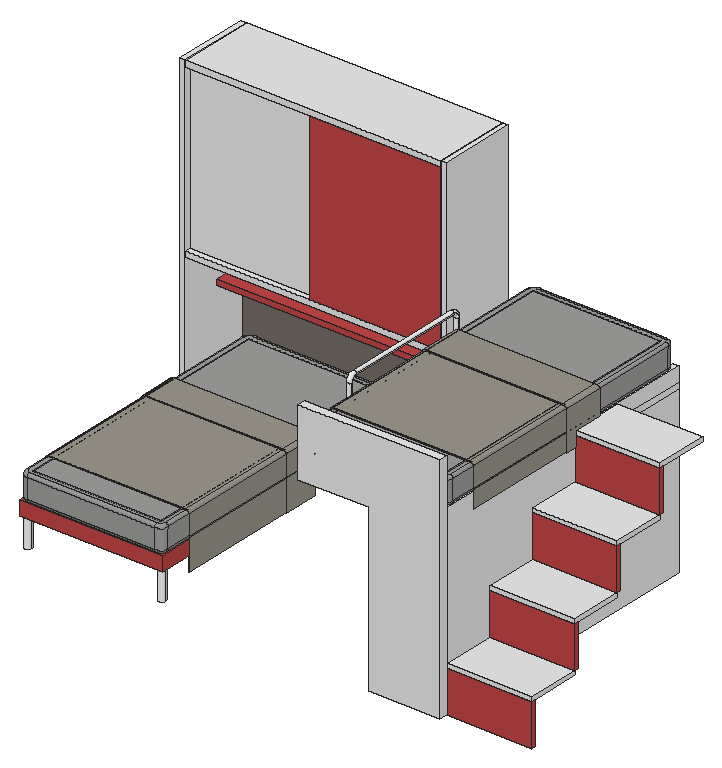
Revit family
Reference planes (m)
  plane 1 "Center (Front/Back)": y = 0
  plane 2: z = 0
  plane 3 "Center (Left/Right)": x = 0
  plane 4: x = -1
  plane 5: y = 2
  plane 6: z = 0.3
  plane 7: z = 0.2
  plane 8: y = 2.04
  plane 9: x = -1.04
  plane 10: y = 2.08
  plane 11: x = -1.08
  plane 12: x = 2.6
  plane 13: x = 2
  plane 14: x = 0.8
  plane 15: x = 1
  plane 16: z = 0.6
  plane 17: z = 0.56
  plane 18: y = 1.5
  plane 19: y = 0
  plane 20: y = 0.75
  plane 21: y = 1.125
  plane 22: y = 0.375
  plane 23: z = 1.63
  plane 24: z = 0.326
  plane 25: z = 0
  plane 26: z = 0.652
  plane 27: z = 0.978
  plane 28: z = 1.304
  plane 29: z = 0.296
  plane 30: z = 0.622
  plane 31: z = 0.948
  plane 32: z = 1.274
  plane 33: y = 1.54
  plane 34: y = 1.58
  plane 35: z = 1.204
  plane 36: z = 0.904
Forms (m)
  Extrusion 1, solid, material "rojo"
    sketch origin (0, 0, 0) x (1, 0, 0) y (0, 1, 0)
      loop
        line (-1, 2) -> (-1, 0) -> (0, 0) -> (0, 2) -> (-1, 2)
    from 0.2 to 0.3
  Extrusion 2, solid, material "metal"
    sketch origin (0, 2, 0) x (1, 0, 0) y (0, 1, 0)
      loop
        circle (-0.971049, -1.965373) r 0.025
    from 0 to 0.2
  Extrusion 3, solid, material "metal"
    sketch origin (-1, 2, 0) x (-1, 0, 0) y (0, -1, 0)
      loop
        circle (-0.971049, 1.965373) r 0.025
    from 0 to 0.2
  Extrusion 4, solid, material "blanco"
    sketch origin (0, 0, 0) x (1, 0, 0) y (0, 1, 0)
      loop
        line (-1.04, 2.04) -> (-1.08, 2.04) -> (-1.08, 1.5) -> (-1.04, 1.5) -> (-1.04, 2.04)
    from 0 to 2.4
  Extrusion 5, solid
    sketch origin (0, 0, 0) x (1, 0, 0) y (0, 1, 0)
      loop
        line (-1.04, 2.04) -> (-1.04, 1.5) -> (2, 1.5) -> (2, 2.04) -> (-1.04, 2.04)
    from 1.2 to 1.158254
  Extrusion 6, solid
    sketch origin (0, 0, 0) x (1, 0, 0) y (0, 0, 1)
      loop
        line (-1.04, 2.4) -> (-1.04, 2.36) -> (0.76, 2.36) -> (0.76, 2.4) -> (-1.04, 2.4)
    from -2.04 to -1.5
  Extrusion 7, solid
    sketch origin (1.84, 0, 0) x (1, 0, 0) y (0, 1, 0)
      loop
        line (-1.04, 2.04) -> (-1.08, 2.04) -> (-1.08, 1.5) -> (-1.04, 1.5) -> (-1.04, 2.04)
    from 1.2 to 2.4
  Extrusion 8, solid, material "rojo"
    sketch origin (2, 0, 0) x (1, 0, 0) y (0, 1, 0)
      loop
        line (-1, 2) -> (-1, 0) -> (-0.04, 0) -> (-0.04, 2) -> (-1, 2)
    from 1.2 to 1.304
  Extrusion 9, solid
    sketch origin (0, 0, 0) x (1, 0, 0) y (0, 0, 1)
      loop
        line (1, 1.158254) -> (1.5, 1.158254) -> (1.5, 0) -> (2, 0) -> (2, 1.63) -> (1, 1.63) -> (1, 1.158254)
    from 0 to 0.056884
  Extrusion 10, solid, material "blanco"
    sketch origin (3.04, -0.008116, 0) x (1, 0, 0) y (0, 1, 0)
      loop
        line (-1.04, 2.048116) -> (-1.08, 2.048116) -> (-1.08, 0.008116) -> (-1.04, 0.008116) -> (-1.04, 2.048116)
    from 0 to 1.304
  Sweep 11, solid, material "colchon"
    path origin (0, 0, 0.3) x (1, 0, 0) y (0, 1, 0)
      loop
        arc (-0.9491, 1.95) -> (-0.949736, 1.949736) -> (-0.95, 1.9491) r 0.0009
        line (-0.95, 1.9491) -> (-0.95, 0.0509)
        arc (-0.95, 0.0509) -> (-0.949736, 0.050264) -> (-0.9491, 0.05) r 0.0009
        line (-0.9491, 0.05) -> (-0.0509, 0.05)
        arc (-0.0509, 0.05) -> (-0.050264, 0.050264) -> (-0.05, 0.0509) r 0.0009
        line (-0.05, 0.0509) -> (-0.05, 1.9491)
        arc (-0.05, 1.9491) -> (-0.050264, 1.949736) -> (-0.0509, 1.95) r 0.0009
        line (-0.0509, 1.95) -> (-0.9491, 1.95)
    profile origin (-0.5, 1.95, 0.3) x (0, 1, 0) y (0, 0, 1)
      loop
        line (0, 0) -> (0.03, 0)
        arc (0.03, 0) -> (0.044142, 0.005858) -> (0.05, 0.02) r 0.02
        line (0.05, 0.02) -> (0.05, 0.16)
        arc (0.05, 0.16) -> (0.044142, 0.174142) -> (0.03, 0.18) r 0.02
        line (0.03, 0.18) -> (0, 0.18) -> (0, 0)
  Extrusion 12, solid, material "colchon"
    sketch origin (0, 0, 0.3) x (1, 0, 0) y (0, 1, 0)
      loop
        line (-0.95, 1.949996) -> (-0.95, 0.05) -> (-0.05, 0.05) -> (-0.05, 1.949996) -> (-0.95, 1.949996)
    from 0 to 0.18
  Sweep 13, solid, not visible
    path origin (0, 0, 0.3) x (1, 0, 0) y (0, 1, 0)
      loop
        arc (-0.9491, 1.95) -> (-0.949736, 1.949736) -> (-0.95, 1.9491) r 0.0009
        line (-0.95, 1.9491) -> (-0.95, 0.0509)
        arc (-0.95, 0.0509) -> (-0.949736, 0.050264) -> (-0.9491, 0.05) r 0.0009
        line (-0.9491, 0.05) -> (-0.0509, 0.05)
        arc (-0.0509, 0.05) -> (-0.050264, 0.050264) -> (-0.05, 0.0509) r 0.0009
        line (-0.05, 0.0509) -> (-0.05, 1.9491)
        arc (-0.05, 1.9491) -> (-0.050264, 1.949736) -> (-0.0509, 1.95) r 0.0009
        line (-0.0509, 1.95) -> (-0.9491, 1.95)
    profile origin (-0.5, 1.95, 0.3) x (0, 1, 0) y (0, 0, 1)
      loop
        line (0, 0) -> (0.03, 0)
        arc (0.03, 0) -> (0.044142, 0.005858) -> (0.05, 0.02) r 0.02
        line (0.05, 0.02) -> (0.05, 0.16)
        arc (0.05, 0.16) -> (0.044142, 0.174142) -> (0.03, 0.18) r 0.02
        line (0.03, 0.18) -> (0, 0.18) -> (0, 0)
  Extrusion 14, solid, not visible
    sketch origin (0, 0, 0.3) x (1, 0, 0) y (0, 1, 0)
      loop
        line (-0.95, 1.949996) -> (-0.95, 0.05) -> (-0.05, 0.05) -> (-0.05, 1.949996) -> (-0.95, 1.949996)
    from 0 to 0.18
  Extrusion 15, solid, material "madera"
    sketch origin (0, 0, 0.3) x (1, 0, 0) y (0, 1, 0)
      loop
        line (1.5, 0) -> (1.96, 0) -> (1.96, 2) -> (1.5, 2) -> (1.5, 0)
    from 0.26 to 0.3
  Sweep 16, solid, material "colchon"
    path origin (2, 0, 0.3) x (1, 0, 0) y (0, 1, 0)
      loop
        arc (-0.9491, 1.95) -> (-0.949736, 1.949736) -> (-0.95, 1.9491) r 0.0009
        line (-0.95, 1.9491) -> (-0.95, 0.0509)
        arc (-0.95, 0.0509) -> (-0.949736, 0.050264) -> (-0.9491, 0.05) r 0.0009
        line (-0.9491, 0.05) -> (-0.0509, 0.05)
        arc (-0.0509, 0.05) -> (-0.050264, 0.050264) -> (-0.05, 0.0509) r 0.0009
        line (-0.05, 0.0509) -> (-0.05, 1.9491)
        arc (-0.05, 1.9491) -> (-0.050264, 1.949736) -> (-0.0509, 1.95) r 0.0009
        line (-0.0509, 1.95) -> (-0.9491, 1.95)
    profile origin (1.5, 1.95, 0.3) x (0, 1, 0) y (0, 0, 1)
      loop
        line (0, 1.005) -> (0.03, 1.005)
        arc (0.03, 1.005) -> (0.044142, 1.010858) -> (0.05, 1.025) r 0.02
        line (0.05, 1.025) -> (0.05, 1.165)
        arc (0.05, 1.165) -> (0.044142, 1.179142) -> (0.03, 1.185) r 0.02
        line (0.03, 1.185) -> (0, 1.185) -> (0, 1.005)
  Extrusion 17, solid, material "colchon"
    sketch origin (2, 0, 0.3) x (1, 0, 0) y (0, 1, 0)
      loop
        line (-0.95, 1.949996) -> (-0.95, 0.05) -> (-0.05, 0.05) -> (-0.05, 1.949996) -> (-0.95, 1.949996)
    from 1.004 to 1.185
  Extrusion 18, solid
    sketch origin (0, 0, 0.3) x (1, 0, 0) y (0, 1, 0)
      loop
        line (2, 0.375) -> (2, 0) -> (2.6, 0) -> (2.6, 0.375) -> (2, 0.375)
    from -0.004 to 0.026
  Extrusion 19, solid
    sketch origin (0, 0, 0.3) x (1, 0, 0) y (0, 1, 0)
      loop
        line (2, 0.75) -> (2, 0.375) -> (2.6, 0.375) -> (2.6, 0.75) -> (2, 0.75)
    from 0.322 to 0.352
  Extrusion 20, solid
    sketch origin (0.08, 0, 0.3) x (1, 0, 0) y (0, 1, 0)
      loop
        line (1.92, 1.125) -> (1.92, 0.75) -> (2.52, 0.75) -> (2.52, 1.125) -> (1.92, 1.125)
    from 0.648 to 0.678
  Extrusion 21, solid
    sketch origin (0.6, 0, 0.3) x (1, 0, 0) y (0, 1, 0)
      loop
        line (1.4, 1.5) -> (1.4, 1.125) -> (2, 1.125) -> (2, 1.5) -> (1.4, 1.5)
    from 0.974 to 1.004
  Extrusion 22, solid, material "rojo"
    sketch origin (0, 0, 0.3) x (1, 0, 0) y (0, 1, 0)
      loop
        line (2.6, 0) -> (2.6, 0.025) -> (2, 0.025) -> (2, 0) -> (2.6, 0)
    from -0.3 to -0.004
  Extrusion 23, solid, material "rojo"
    sketch origin (0, 0.375, 0.3) x (1, 0, 0) y (0, 1, 0)
      loop
        line (2.6, 0) -> (2.6, 0.025) -> (2, 0.025) -> (2, 0) -> (2.6, 0)
    from 0.026 to 0.322
  Extrusion 24, solid, material "rojo"
    sketch origin (0, 0.75, 0.3) x (1, 0, 0) y (0, 1, 0)
      loop
        line (2.6, 0) -> (2.6, 0.025) -> (2, 0.025) -> (2, 0) -> (2.6, 0)
    from 0.352 to 0.648
  Extrusion 25, solid, material "rojo"
    sketch origin (0, 1.125, 0.3) x (1, 0, 0) y (0, 1, 0)
      loop
        line (2.6, 0) -> (2.6, 0.025) -> (2, 0.025) -> (2, 0) -> (2.6, 0)
    from 0.678 to 0.974
  Extrusion 26, solid, material "blanco"
    sketch origin (0, 0, 0) x (1, 0, 0) y (0, 0, 1)
      loop
        line (-0.123287, 2.36) -> (-1.04, 2.36) -> (-1.04, 1.2) -> (-0.123287, 1.2) -> (-0.123287, 2.36)
    from -1.58 to -1.54
  Extrusion 27, solid, material "rojo"
    sketch origin (0, 0, 0) x (1, 0, 0) y (0, 0, 1)
      loop
        line (-0.16, 2.36) -> (-0.16, 1.2) -> (0.76, 1.2) -> (0.76, 2.36) -> (-0.16, 2.36)
    from -1.54 to -1.5
  Extrusion 28, solid, material "madera"
    sketch origin (0, 0, 0.3) x (1, 0, 0) y (0, 1, 0)
      loop
        line (-1.04, 2.04) -> (-1.04, 2) -> (1.96, 2) -> (1.96, 2.04) -> (-1.04, 2.04)
    from -0.3 to 0.9
  Sweep 29, solid, material "metal"
    path origin (1, 1.56, 0) x (0, 1, 0) y (0, 0, -1)
      loop
        line (-0.205, -1.245) -> (-0.205, -1.558623)
        arc (-0.205, -1.558623) -> (-0.216716, -1.586908) -> (-0.245, -1.598623) r 0.04
        line (-0.245, -1.598623) -> (-1.105, -1.598623)
        arc (-1.105, -1.598623) -> (-1.133284, -1.586908) -> (-1.145, -1.558623) r 0.04
        line (-1.145, -1.558623) -> (-1.145, -1.245)
    profile origin (1, 1.355, 1.401812) x (0, 1, 0) y (-1, 0, 0)
      loop
        circle (0, 0.015418) r 0.015
  Extrusion 30, void
    sketch origin (0, 0, 0) x (1, 0, 0) y (0, 0, 1)
      loop
        line (0.734307, 1.24909) -> (0.734307, 1.36909) -> (0.714307, 1.36909) -> (0.714307, 1.24909) -> (0.734307, 1.24909)
    from -1.559625 to -1.488951
  Extrusion 31, void
    sketch origin (-0.275, 0, 0) x (-1, 0, 0) y (0, 0, -1)
      loop
        line (0.734307, -1.24909) -> (0.714307, -1.24909) -> (0.714307, -1.36909) -> (0.734307, -1.36909) -> (0.734307, -1.24909)
    from -1.592833 to -1.525565
  Extrusion 32, void
    sketch origin (0, 0, 0) x (1, 0, 0) y (0, 0, 1)
      loop
        line (2.247441, 1.259) -> (2.247441, 1.239) -> (2.347441, 1.239) -> (2.347441, 1.259) -> (2.247441, 1.259)
    from -1.175299 to -1.1
  Extrusion 33, void
    sketch origin (0, 0, -0.326) x (1, 0, 0) y (0, 0, 1)
      loop
        line (2.247441, 1.259) -> (2.247441, 1.239) -> (2.347441, 1.239) -> (2.347441, 1.259) -> (2.247441, 1.259)
    from -0.800217 to -0.72
  Extrusion 34, void
    sketch origin (0, 0, -0.652) x (1, 0, 0) y (0, 0, 1)
      loop
        line (2.247441, 1.259) -> (2.247441, 1.239) -> (2.347441, 1.239) -> (2.347441, 1.259) -> (2.247441, 1.259)
    from -0.419925 to -0.36
  Extrusion 35, void
    sketch origin (0, 0, -0.978) x (1, 0, 0) y (0, 0, 1)
      loop
        line (2.247441, 1.259) -> (2.247441, 1.239) -> (2.347441, 1.239) -> (2.347441, 1.259) -> (2.247441, 1.259)
    from -0.05 to 0.04
  Extrusion 36, solid, material "rojo"
    sketch origin (0, 0, 0.3) x (1, 0, 0) y (0, 1, 0)
      loop
        line (-1.04, 2) -> (-1.04, 1.77) -> (1.73, 1.77) -> (1.73, 0) -> (1.96, 0) -> (1.96, 2) -> (-1.04, 2)
    from 0.566185 to 0.604
  Extrusion 37, solid, material "sabana"
    sketch origin (0, 0, 0) x (1, 0, 0) y (0, 0, 1)
      loop
        line (-1, 0.1) -> (-1, 0.46)
        arc (-1, 0.46) -> (-0.993787, 0.475) -> (-0.978787, 0.481213) r 0.021213
        line (-0.978787, 0.481213) -> (-0.018787, 0.481213)
        arc (-0.018787, 0.481213) -> (-0.005503, 0.475711) -> (0, 0.462426) r 0.018787
        line (0, 0.462426) -> (0, 0.1) -> (0.005, 0.1) -> (0.005, 0.465)
        arc (0.005, 0.465) -> (-0.003318, 0.479648) -> (-0.019134, 0.485447) r 0.024466
        line (-0.019134, 0.485447) -> (-0.980866, 0.485447)
        arc (-0.980866, 0.485447) -> (-0.996682, 0.479648) -> (-1.005, 0.465) r 0.024466
        line (-1.005, 0.465) -> (-1.005, 0.1) -> (-1, 0.1)
    from -1.331008 to -0.23188
  Extrusion 38, solid, material "sabana"
    sketch origin (0, 0, 0.005) x (1, 0, 0) y (0, 0, 1)
      loop
        line (-1.005, 0.095) -> (-1.005, 0.46)
        arc (-1.005, 0.46) -> (-1.000483, 0.47335) -> (-0.988787, 0.481213) r 0.021984
        line (-0.988787, 0.481213) -> (-0.018787, 0.481213)
        arc (-0.018787, 0.481213) -> (-0.002851, 0.47514) -> (0.005, 0.46) r 0.023943
        line (0.005, 0.46) -> (0.005, 0.095) -> (0.01, 0.095) -> (0.01, 0.465)
        arc (0.01, 0.465) -> (-0.001337, 0.479825) -> (-0.019134, 0.485447) r 0.030979
        line (-0.019134, 0.485447) -> (-0.980866, 0.485447)
        arc (-0.980866, 0.485447) -> (-0.999344, 0.480796) -> (-1.01, 0.465) r 0.026664
        line (-1.01, 0.465) -> (-1.01, 0.095) -> (-1.005, 0.095)
    from -1.331008 to -1.081665
  Extrusion 39, solid, material "sabana"
    sketch origin (2, 0, 1.0045) x (1, 0, 0) y (0, 0, 1)
      loop
        line (-0.978787, 0.481213) -> (-0.018787, 0.481213)
        arc (-0.018787, 0.481213) -> (-0.005503, 0.475711) -> (0, 0.462426) r 0.018787
        line (0, 0.462426) -> (0, 0.19375) -> (0.005, 0.19375) -> (0.005, 0.465)
        arc (0.005, 0.465) -> (-0.003318, 0.479648) -> (-0.019134, 0.485447) r 0.024466
        line (-0.019134, 0.485447) -> (-0.980866, 0.485447)
        arc (-0.980866, 0.485447) -> (-0.991184, 0.483441) -> (-1, 0.477716) r 0.027544
        line (-1, 0.477716) -> (-1, 0.4667)
        arc (-1, 0.4667) -> (-0.991638, 0.477238) -> (-0.978787, 0.481213) r 0.02276
    from -1.331008 to -0.23188
  Extrusion 40, solid, material "sabana"
    sketch origin (2, 0, 1.0095) x (1, 0, 0) y (0, 0, 1)
      loop
        line (-0.981793, 0.481213) -> (-0.018787, 0.481213)
        arc (-0.018787, 0.481213) -> (-0.002851, 0.47514) -> (0.005, 0.46) r 0.023943
        line (0.005, 0.46) -> (0.005, 0.19) -> (0.01, 0.19) -> (0.01, 0.465)
        arc (0.01, 0.465) -> (-0.001337, 0.479825) -> (-0.019134, 0.485447) r 0.030979
        line (-0.019134, 0.485447) -> (-0.980866, 0.485447)
        arc (-0.980866, 0.485447) -> (-0.990927, 0.484727) -> (-1, 0.480321) r 0.026664
        line (-1, 0.480321) -> (-1, 0.473959)
        arc (-1, 0.473959) -> (-0.991592, 0.479333) -> (-0.981793, 0.481213) r 0.026476
    from -1.331008 to -1.044684
Cuts and joins
  Extrusion 31 cuts Extrusion 27
  Extrusion 33 cuts Extrusion 25
  Extrusion 34 cuts Extrusion 24
  Extrusion 35 cuts Extrusion 23
Dimensions and locks (m)
  radius of Sweep 11 sketch curve = 0.02 m
  radius of Sweep 13 sketch curve = 0.02 m
  radius of Sweep 16 sketch curve = 0.02 m
  angle Extrusion 40 sketch curve to Extrusion 40 sketch curve = 43.4488°
  aligned and locked: level to plane 2
